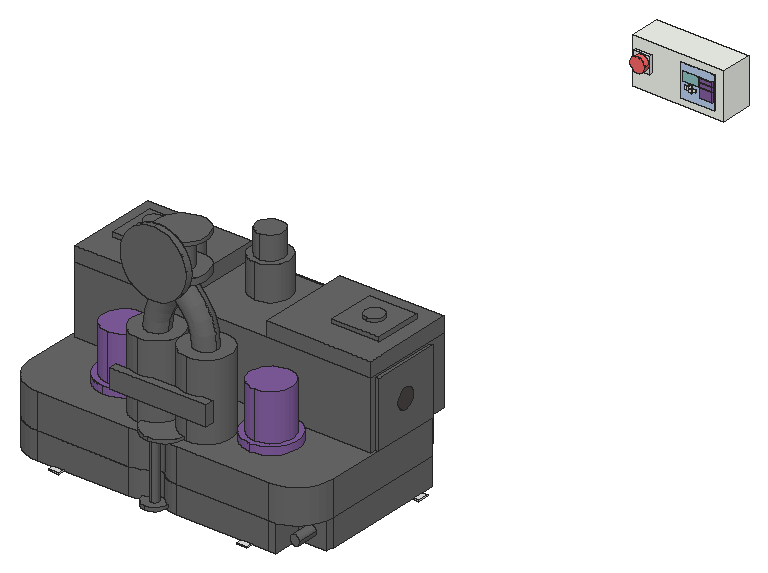
Revit family "11113", category Generic Models, Revit 2021
Family settings
  Can host rebar = No
  Round Connector Dimension = Use Diameter
  Part Type = Normal
  Work Plane-Based = No
  Always vertical = Yes
  Cut with Voids When Loaded = No
  Shared = Yes
  Room Calculation Point = No
Parameters (values of type "11113")
  SUPPLIER = "KESSEL"
  SA700ID49 = "Protection Class I"
  SA700ID48 = "no"
  SA700ID47 = "no"
  SA700ID46 = "yes"
  SA700ID37 = 16000 mm
  SA700ID34 = 47
  SA700ID33 = 3.2 W
  SA700ID32 = 200.52 kg
  SA700ID31 = 1
  SA700ID30 = 2
  SA700ID29 = "GLRD"
  SA700ID21 = 1600
  SA700ID10 = "yes"
  SA700ID08 = 400 V
  PROCUREWEBLINK = "https://p.caden.as/kessel/11113"
  PROCURELINK = "p.caden.as/kessel/11113"
  PROCUREDATALASTUPDATE = "2024-05-22T12:17:48.313061796+01:00"
  PREVIEW = "../../bilder/ksb_w_11113.png"
  PRC_SPECIFICATIONLINK = "https://ausschreiben.de/catalog/kessel/catalogItem/f660b859-4db9-403f-b500-aa956de100e0"
  NN = "Lifting station Aqualift F XL"
  NBSYN = "$SA810ID03."
  NB = "11113"
  Model = "11113"
  Manufacturer = "KESSEL"
  MIdent = "{$CADENAS_DATA/23d-libs/kessel/kessel_vdi_import/4/entwaesserung/hebeanlage20aqualift20f20xl.prj},201 {STYP=ASS},{VTYP=3D},{NB=11113},{LINA=11113},{NN=Lifting station Aqualift F XL},{DATE=21.11.2022 10:48:11},{GEOMDATE=21.11.2022 10:48:11},{VERSION=},{LINEID=460},{WBVAR=LODLEVEL},{WBNUMERIC=LODLEVEL}  {NB=11113},{LINA=11113},{KT=DUMMY},{PREVIEW=../../bilder/ksb_w_11113.png},{SA700ID04=Hebeanlage Aqualift F XL 300 l, Duo, SPF 3000-S1, Gussschieber},{SA810ID06=04026092057803},{SA700ID34=47.00},{SA010ID03=201805},{SA810ID03=11113},{SA810ID10=Aqualift F XL 3000W-S1 Duo 300L m.S.G.KESSEL Aqualift F XL Hebeanlage für fäkalienhaltiges und fäkalienfreies Abwasser. Zur Aufstellung in frostgeschützten Räumen.Duoanlage mit zwei Pumpen des Typs SPF 3000-S1 Sammelbehälter aus Polyethylen, mit verschraubter Reinigungsöffnung,Anschlussstutzen für Zulauf von oben DN100/150.Inklusive Tauchrohr zur pneumatischen Niveauerfassung,Entlüftungsanschluss DN 70 und Anschluss für eine Handmembranpumpe DN 32.Behälter inklusive Haltewinkel zur Auftriebssicherung.Behältervolumen 300 Liter, max. Nutzvolumen bei Zulauf von oben ca. 175 Liter.Zwei seitliche und drei rückseitige Anbohrflächen zur Montage weiterer Zuläufe bis DN 200 unter Verwendung von Durchgangsdichtungen.Inklusive KESSEL Schaltgerät Aqualift Comfort 400 V.Anwenderfreundliche Menüführung im mehrzeiligem Display. MitSelbstdiagnosesystem (SDS) und Erinnerungsfunktion für nächste Wartung.Anzeige der aktuellen Messwerte. Einfache Einstellung derfunktionsrelevanten Parameter, inklusive Betriebsstundenzähler und potentialfreiem Kontakt. Optionale Weiterleitung von Alarm- und Sammelstörmeldung über GSM Schnittstelle.Schaltgerät mit Volltextanzeige in sechs Sprachen.Abwasserpumpe(n) mit Freistromrad zur Förderung von fäkalienfreiem und fäkalienhaltigem Abwasser gemäß DIN EN 12050-1. Freier Kugeldurchgang mindestens 40 mm. Pumpe(n) überflutungssicher.Inklusive Rückflussverhinderer, mit Druckabgang aus Grauguss DN 80. nach DIN 2501. Inklusive einem Absperrschieber.Pumpe(n) Typ SPF 3000-S1Fördermenge: max. 47 m³/hFörderhöhe: max. 16 mNennleistung (P2): 2,7 KW je PumpeAufnahmeleistung (P1): 3,2 KW je PumpeBetriebsspannung: 400 V DSNennfrequenz: 50 HzNennstrom: 5,4 AAbsicherung: 3 x 16 A trägeSchutzart (Pumpe): IP68 3mWS/48hSchutzart (Schaltgerät): IP 65Bertiebsart: S1Kabellänge: 5 mAußenmaße Anlage mit 300 Liter Behälter (BxTxH): 1260 x 760 x 770 mmGewicht ca. 200,52 kg},{SA700ID37=16.00},{SA700ID33=3.20},{SA700ID08=400},{SA700ID30=2},{SA700ID32=200.52},{SA700ID49=Schutzklasse I},{SA700ID50=intern},{SA200ID03=6},{SA250ID03=vertikal},{SA260ID03=Trockenläuferpumpe},{SA350ID03=normalansaugend},{SA400ID03=E-Motor für Drehstrom},{SA460ID03=direkt},{SA500ID03=Kunststoff, Edelstahl},{SA700ID06=80},{SA700ID07=100},{SA700ID09=3/N/PE 400V},{SA700ID10=Ja},{SA700ID11=50},{SA700ID12=IP 68},{SA700ID13=F},{SA700ID15=40},{SA700ID21=1600.00},{SA700ID22=2.70},{SA700ID23=2890},{SA700ID24=2890},{SA700ID26=5.40},{SA700ID27=41.00},{SA700ID28=durchgehend},{SA700ID29=GLRD},{SA700ID31=1},{SA700ID46=ja},{SA700ID47=nein},{SA700ID48=nein},{SA110ID04=Hebeanlage Aqualift F XL},{SA300ID03=einstufig},{SA700ID44=10.00},{SA700ID45=10.00},{SA010ID04=KESSEL AG},{LODLEVEL=200},{LINK=https://www.kessel.de/info?han=11113},{SA970ID01=970},{SA970ID02=7186},{SA970ID03=11113},{SA970ID04=11002617},{SA970ID05=QUAD},{SA970ID06=-655.51},{SA970ID07=-650},{SA970ID08=0},{SA970ID09=1},{SA970ID10=0},{SA970ID11=0},{SA970ID12=0},{SA970ID13=1},{SA970ID14=0},{SA970ID15=1311.02},{SA970ID16=800},{SA970ID17=1037.75},{LODLEVEL_=200,'Low'},{LODLEVEL_DEU=200,'Low'},{LINK_=https://www.kessel.de/info?han=11113},{LINK_DEU=https://www.kessel.de/info?han=11113},{LODLEVEL_3DB=11113_200},{DNIN1=100},{DNIN2=70},{DNIN4=10},{DNIN5=10},{DNIN6=50},{DNIN7=50},{DNIN8=50},{DNIN9=50},{DNOUT1=32},{DNOUT2=100},{DNOUT3=70},{ISD1=96},{ISD2=10},{ISDOUT1=40},{ISDOUT2=60},{ISDOUT3=65},{SA010ID01=010},{SA010ID02=4},{SA010ID06=www.kessel.de},{SA010ID07=www.kessel.de},{SA010ID12=20180713},{SA010ID13=DEU},{SA010ID14=DE},{SA100ID01=100},{SA100ID02=4},{SA100ID04=Entwässerung},{SA110ID01=110},{SA110ID02=6},{SA200ID01=200},{SA200ID02=6},{SA250ID01=250},{SA250ID02=2},{SA260ID01=260},{SA260ID02=2},{SA300ID01=300},{SA300ID02=1},{SA350ID01=350},{SA350ID02=1},{SA400ID01=400},{SA400ID02=2},{SA460ID01=460},{SA460ID02=1},{SA500ID01=500},{SA500ID02=1},{SA700ID01=700},{SA700ID02=79},{SA700ID10_=1},{SA700ID16=0},{SA700ID25=0},{SA700ID46_=1},{SA700ID47_=0},{SA700ID48_=0},{SA700ID49_=1},{SA700ID50_=2},{SA800ID01=800},{SA800ID02=43},{SA810ID01=810},{SA810ID02=79},{SA810ID04=11113},{SA810ID07=79},{SA810ID09=1},{SA810ID14=PCE},{SA810ID15=1},{SA810ID16=NMP},{SA960ID03=79},{SA960ID04=3L},{SA960ID08=https://www.kessel.de/info?han=11113},{SA010ID08=4026092000007},{SA100ID05=Hebeanlage},{SA110ID06=Hebeanlage}"
  LINK = "https://www.kessel.de/info?han=11113"
  LINA = "11113"
  Default Elevation = 0 mm
  CREATOR = "CADENAS GmbH"
  CATALOG = "KESSEL"
  BOMINFO = "LINA"
  ARTICLENO = "NB"
  4.810.00.9 Order quantity (multiplicator) = "1"
  4.810.00.7 Media- connection number = "79"
  4.810.00.6 GTIN number = "04026092057803"
  4.810.00.4 DATANORM number = "11113"
  4.810.00.3 Producer order number = "11113"
  4.710.03.7 Mass (net) = 200.52 kg
  4.710.03.6 Height = 1042 mm
  4.710.03.5 Width = 889 mm
  4.710.03.4 Length = 1260 mm
  4.710.03.3 Type of dimensions = "2"
  4.710.02.8 Area of application of wastewater pump = "1"
  4.710.02.6 Duty type = "S1"
  4.710.02.5 Cutting device = "0"
  4.710.02.4 Attached pump control = "1"
  4.710.02.3 Free passage = 40 mm
  4.710.01.6 Option to connect to building automation = "40"
  4.710.01.5 Load regulation = "0"
  4.710.01.4 Designation of closed-loop control = "175"
  4.710.01.3 Identifier for closed-loop control = "300"
  4.700.00.9 Voltage = 0
  4.700.00.8 Nominal connection size on suction side = "100"
  4.700.00.7 Nominal connection size on pressure side = "100"
  4.700.00.6 Type of connection = "80"
  4.700.00.4 Product indentification = "Hebeanlage Aqualift F XL 300 l, Duo, SPF 3000-S1, Gussschieber"
  4.700.00.28 Motor pump shaft = "durchgehend"
  4.700.00.27 Starting current = 41
  4.700.00.26 Maximum power consumption per pump / drive = 5.4
  4.700.00.25 Minimum speed at internal speed adjustment = 0
  4.700.00.24 Nominal speed / maximum speed n = 48.1667
  4.700.00.23 Nominal speed of motor = 48.1667
  4.700.00.22 Maximum shaft output (P2) per pump/drive = 2.7 W
  4.700.00.16 Maximum temperature of pumped medium = 0 °C
  4.700.00.15 Increased safety class = "40 °C"
  4.700.00.13 Type of protection = "F"
  4.700.00.12 Frequency = 0
  4.700.00.11 Stern-/Dreieck-Anlaufschaltung bei Dreiphasenanschluss oder Drehstrom = "50 Hz"
  4.700.00.10 Phase = "1"
  4.500.00.3 Variant / Variant type / Accessories-name = "Kunststoff, Edelstahl"
  4.460.00.3 Variant / Variant type / Accessories-name = "direkt"
  4.400.00.3 Variant / Variant type / Accessories-name = "E-Motor für Drehstrom"
  4.350.00.3 Variant / Variant type / Accessories-name = "normalansaugend"
  4.300.00.3 Variant / Variant type / Accessories-name = "einstufig"
  4.260.00.3 Variant / Variant type / Accessories-name = "Trockenläuferpumpe"
  4.250.00.3 Variant / Variant type / Accessories-name = "vertikal"
  4.200.00.3 Variant / Variant type / Accessories-name = "6"
  4.110.00.6 Product classification = "Hebeanlage"
  4.110.00.4 Product indentification = "Hebeanlage Aqualift F XL"
  4.100.00.5 Main groups of wares = "Hebeanlage"
  4.100.00.4 Product indentification = "Entwässerung"
  4.010.00.8 Producer ID number = "4026092000007"
  4.010.00.7 Comment = "www.kessel.de"
  4.010.00.6 Web address of the manufacturer = "www.kessel.de"
  4.010.00.4 Manufacturer name = "KESSEL AG"
  4.010.00.3 Date of issuance (month) of guideline = "201805"
  4.010.00.2 Sheet number of the guideline = "4"
  4.010.00.14 Kennungen der Projektländer, für die die Datei gültig ist = "DE"
  4.010.00.13 Sprache der Datei = "DEU"
  4.010.00.12 Stand des Herstellerkatalogs = "20180713"
Reference planes
  plane 1 "Center (Front/Back)": y = 0
  plane 2: z = 0
  plane 3 "Center (Left/Right)": x = 0
Dimensions and locks
  aligned and locked: level to plane 2
Nested families
  nested 1: "11113_content" at (0, 0, 0), type "11113_Content"
  nested 2: "11113_part1_X0Y0" at (1000, 1000, 1200), type "11113_PART1_X0Y0"
  nested 3: "11113_part2_X0Y0" at (0, 0, 0), type "11113_PART2_X0Y0"
Connectors
  electrical at (861, 933, 1201.5)
    settings: on nested 2, index 1, voltage 0 V, apparent load 0 VA, apparent load phase1 0 VA, apparent load phase2 0 VA, apparent load phase3 0 VA, power factor 1, load classification "Other", number of poles 1, system type 31, power factor state 1, is connector primary yes, connector utility no, sub classification motor no, connector description ""
  piping at (0, 0, 771), diameter 100
    settings: on nested 3, index 2, connector inside diameter 609.6 mm, connector length 0 mm, flow factor 0, pipe flow 0.0 L/s, pressure drop 0.0 Pa, fitting loss kfactor 0, connector angle 0.00°, fixture units 0, engagement length 0 mm, angle of deflection 0.00°, flow configuration 0, flow direction 1, fitting loss method 2, system type 8, joint type 0, gender type 0, connector reference index -1, connector utility 0, adjustable connector no, is connector primary yes, connector description ""
  piping at (631, -85, 392), diameter 70
    settings: on nested 3, index 3, connector inside diameter 609.6 mm, connector length 0 mm, flow factor 0, pipe flow 0.0 L/s, pressure drop 0.0 Pa, fitting loss kfactor 0, connector angle 0.00°, fixture units 0, engagement length 0 mm, angle of deflection 0.00°, flow configuration 0, flow direction 0, fitting loss method 2, system type 8, joint type 0, gender type 0, connector reference index -1, connector utility 0, adjustable connector no, is connector primary no, connector description ""
  piping at (358.7, 150.5, 392), diameter 70
    settings: on nested 3, index 4, connector inside diameter 609.6 mm, connector length 0 mm, flow factor 0, pipe flow 0.0 L/s, pressure drop 0.0 Pa, fitting loss kfactor 0, connector angle 0.00°, fixture units 0, engagement length 0 mm, angle of deflection 0.00°, flow configuration 0, flow direction 0, fitting loss method 2, system type 8, joint type 0, gender type 0, connector reference index -1, connector utility 0, adjustable connector no, is connector primary no, connector description ""
  piping at (0, 150.5, 392), diameter 70
    settings: on nested 3, index 5, connector inside diameter 609.6 mm, connector length 0 mm, flow factor 0, pipe flow 0.0 L/s, pressure drop 0.0 Pa, fitting loss kfactor 0, connector angle 0.00°, fixture units 0, engagement length 0 mm, angle of deflection 0.00°, flow configuration 0, flow direction 0, fitting loss method 2, system type 8, joint type 0, gender type 0, connector reference index -1, connector utility 0, adjustable connector no, is connector primary no, connector description ""
  piping at (-357.7, 150.5, 392), diameter 70
    settings: on nested 3, index 6, connector inside diameter 609.6 mm, connector length 0 mm, flow factor 0, pipe flow 0.0 L/s, pressure drop 0.0 Pa, fitting loss kfactor 0, connector angle 0.00°, fixture units 0, engagement length 0 mm, angle of deflection 0.00°, flow configuration 0, flow direction 0, fitting loss method 2, system type 8, joint type 0, gender type 0, connector reference index -1, connector utility 0, adjustable connector no, is connector primary no, connector description ""
  piping at (-630, -85, 392), diameter 70
    settings: on nested 3, index 7, connector inside diameter 609.6 mm, connector length 0 mm, flow factor 0, pipe flow 0.0 L/s, pressure drop 0.0 Pa, fitting loss kfactor 0, connector angle 0.00°, fixture units 0, engagement length 0 mm, angle of deflection 0.00°, flow configuration 0, flow direction 0, fitting loss method 2, system type 8, joint type 0, gender type 0, connector reference index -1, connector utility 0, adjustable connector no, is connector primary no, connector description ""
  piping at (0, -460, 970), diameter 100
    settings: on nested 3, index 8, connector inside diameter 609.6 mm, connector length 0 mm, flow factor 0, pipe flow 0.0 L/s, pressure drop 0.0 Pa, fitting loss kfactor 0, connector angle 0.00°, fixture units 0, engagement length 0 mm, angle of deflection 0.00°, flow configuration 0, flow direction 2, fitting loss method 2, system type 7, joint type 0, gender type 0, connector reference index -1, connector utility 0, adjustable connector no, is connector primary no, connector description ""
  piping at (-269.5, -60, 681), diameter 70
    settings: on nested 3, index 9, connector inside diameter 609.6 mm, connector length 0 mm, flow factor 0, pipe flow 0.0 L/s, pressure drop 0.0 Pa, fitting loss kfactor 0, connector angle 0.00°, fixture units 0, engagement length 0 mm, angle of deflection 0.00°, flow configuration 0, flow direction 2, fitting loss method 2, system type 7, joint type 0, gender type 0, connector reference index -1, connector utility 0, adjustable connector no, is connector primary no, connector description ""
  piping at (565, -575.5, 56), diameter 32
    settings: on nested 3, index 10, connector inside diameter 609.6 mm, connector length 0 mm, flow factor 0, pipe flow 0.0 L/s, pressure drop 0.0 Pa, fitting loss kfactor 0, connector angle 0.00°, fixture units 0, engagement length 0 mm, angle of deflection 0.00°, flow configuration 0, flow direction 2, fitting loss method 2, system type 7, joint type 0, gender type 0, connector reference index -1, connector utility 0, adjustable connector no, is connector primary no, connector description ""
  electrical at (305.4, -376.25, 477)
    settings: on nested 3, index 11, voltage 0 V, apparent load 0 VA, apparent load phase1 0 VA, apparent load phase2 0 VA, apparent load phase3 0 VA, power factor 1, load classification "Other", number of poles 1, system type 31, power factor state 1, is connector primary no, connector utility no, sub classification motor no, connector description ""
  electrical at (-305.4, -376.25, 477)
    settings: on nested 3, index 12, voltage 0 V, apparent load 0 VA, apparent load phase1 0 VA, apparent load phase2 0 VA, apparent load phase3 0 VA, power factor 1, load classification "Other", number of poles 1, system type 31, power factor state 1, is connector primary no, connector utility no, sub classification motor no, connector description ""
  electrical at (-457, -29.5, 650)
    settings: on nested 3, index 13, voltage 0 V, apparent load 0 VA, apparent load phase1 0 VA, apparent load phase2 0 VA, apparent load phase3 0 VA, power factor 1, load classification "Other", number of poles 1, system type 31, power factor state 1, is connector primary no, connector utility no, sub classification motor no, connector description ""
Definition of nested family "11113_part1_X0Y0"
  Parameters (values of type "11113_PART1_X0Y0")
    SUPPLIER = "KESSEL"
    SA700ID49 = "Protection Class I"
    SA700ID48 = "no"
    SA700ID47 = "no"
    SA700ID46 = "yes"
    SA700ID37 = 16000 mm
    SA700ID34 = 47
    SA700ID33 = 3.2 W
    SA700ID32 = 200.52 kg
    SA700ID31 = 1
    SA700ID30 = 2
    SA700ID29 = "GLRD"
    SA700ID21 = 1600
    SA700ID10 = "yes"
    SA700ID08 = 400 V
    PREVIEW = "../../bilder/ksb_w_11113.png"
    NBSYN = "$SA810ID03._PART1"
    NB = "11113_PART1"
    Model = "11113_PART1"
    Manufacturer = "KESSEL"
    MIdent = "{$CADENAS_DATA/23d-libs/kessel/kessel_vdi_import/4/entwaesserung/hebeanlage20aqualift20f20xl.prj},221 {VTYP=3D},{NB=11113_PART1},{LINA=11113_PART1},{NN=Lifting station Aqualift F XL_PART1},{NOPRJ=TRUE},{DATE=21.11.2022 10:48:11},{GEOMDATE=21.11.2022 10:48:11},{VERSION=},{LINEID=460},{WBVAR=LODLEVEL},{WBNUMERIC=LODLEVEL}  {NB=11113_PART1},{LINA=11113_PART1},{KT=DUMMY},{PREVIEW=../../bilder/ksb_w_11113.png},{SA700ID04=Hebeanlage Aqualift F XL 300 l, Duo, SPF 3000-S1, Gussschieber},{SA810ID06=04026092057803},{SA700ID34=47.00},{SA010ID03=201805},{SA810ID03=11113},{SA810ID10=Aqualift F XL 3000W-S1 Duo 300L m.S.G.KESSEL Aqualift F XL Hebeanlage für fäkalienhaltiges und fäkalienfreies Abwasser. Zur Aufstellung in frostgeschützten Räumen.Duoanlage mit zwei Pumpen des Typs SPF 3000-S1 Sammelbehälter aus Polyethylen, mit verschraubter Reinigungsöffnung,Anschlussstutzen für Zulauf von oben DN100/150.Inklusive Tauchrohr zur pneumatischen Niveauerfassung,Entlüftungsanschluss DN 70 und Anschluss für eine Handmembranpumpe DN 32.Behälter inklusive Haltewinkel zur Auftriebssicherung.Behältervolumen 300 Liter, max. Nutzvolumen bei Zulauf von oben ca. 175 Liter.Zwei seitliche und drei rückseitige Anbohrflächen zur Montage weiterer Zuläufe bis DN 200 unter Verwendung von Durchgangsdichtungen.Inklusive KESSEL Schaltgerät Aqualift Comfort 400 V.Anwenderfreundliche Menüführung im mehrzeiligem Display. MitSelbstdiagnosesystem (SDS) und Erinnerungsfunktion für nächste Wartung.Anzeige der aktuellen Messwerte. Einfache Einstellung derfunktionsrelevanten Parameter, inklusive Betriebsstundenzähler und potentialfreiem Kontakt. Optionale Weiterleitung von Alarm- und Sammelstörmeldung über GSM Schnittstelle.Schaltgerät mit Volltextanzeige in sechs Sprachen.Abwasserpumpe(n) mit Freistromrad zur Förderung von fäkalienfreiem und fäkalienhaltigem Abwasser gemäß DIN EN 12050-1. Freier Kugeldurchgang mindestens 40 mm. Pumpe(n) überflutungssicher.Inklusive Rückflussverhinderer, mit Druckabgang aus Grauguss DN 80. nach DIN 2501. Inklusive einem Absperrschieber.Pumpe(n) Typ SPF 3000-S1Fördermenge: max. 47 m³/hFörderhöhe: max. 16 mNennleistung (P2): 2,7 KW je PumpeAufnahmeleistung (P1): 3,2 KW je PumpeBetriebsspannung: 400 V DSNennfrequenz: 50 HzNennstrom: 5,4 AAbsicherung: 3 x 16 A trägeSchutzart (Pumpe): IP68 3mWS/48hSchutzart (Schaltgerät): IP 65Bertiebsart: S1Kabellänge: 5 mAußenmaße Anlage mit 300 Liter Behälter (BxTxH): 1260 x 760 x 770 mmGewicht ca. 200,52 kg},{SA700ID37=16.00},{SA700ID33=3.20},{SA700ID08=400},{SA700ID30=2},{SA700ID32=200.52},{SA700ID49=Schutzklasse I},{SA700ID50=intern},{SA200ID03=6},{SA250ID03=vertikal},{SA260ID03=Trockenläuferpumpe},{SA350ID03=normalansaugend},{SA400ID03=E-Motor für Drehstrom},{SA460ID03=direkt},{SA500ID03=Kunststoff, Edelstahl},{SA700ID06=80},{SA700ID07=100},{SA700ID09=3/N/PE 400V},{SA700ID10=Ja},{SA700ID11=50},{SA700ID12=IP 68},{SA700ID13=F},{SA700ID15=40},{SA700ID21=1600.00},{SA700ID22=2.70},{SA700ID23=2890},{SA700ID24=2890},{SA700ID26=5.40},{SA700ID27=41.00},{SA700ID28=durchgehend},{SA700ID29=GLRD},{SA700ID31=1},{SA700ID46=ja},{SA700ID47=nein},{SA700ID48=nein},{SA110ID04=Hebeanlage Aqualift F XL},{SA300ID03=einstufig},{SA700ID44=10.00},{SA700ID45=10.00},{SA010ID04=KESSEL AG},{LODLEVEL=200},{LINK=https://www.kessel.de/info?han=11113},{SA970ID01=970},{SA970ID02=7186},{SA970ID03=11113},{SA970ID04=11002617},{SA970ID05=QUAD},{SA970ID06=-655.51},{SA970ID07=-650},{SA970ID08=0},{SA970ID09=1},{SA970ID10=0},{SA970ID11=0},{SA970ID12=0},{SA970ID13=1},{SA970ID14=0},{SA970ID15=1311.02},{SA970ID16=800},{SA970ID17=1037.75},{LODLEVEL_=200,'Low'},{LODLEVEL_DEU=200,'Low'},{LINK_=https://www.kessel.de/info?han=11113},{LINK_DEU=https://www.kessel.de/info?han=11113},{LODLEVEL_3DB=11113_200},{DNIN1=100},{DNIN2=70},{DNIN4=10},{DNIN5=10},{DNIN6=50},{DNIN7=50},{DNIN8=50},{DNIN9=50},{DNOUT1=32},{DNOUT2=100},{DNOUT3=70},{ISD1=96},{ISD2=10},{ISDOUT1=40},{ISDOUT2=60},{ISDOUT3=65},{SA010ID01=010},{SA010ID02=4},{SA010ID06=www.kessel.de},{SA010ID07=www.kessel.de},{SA010ID12=20180713},{SA010ID13=DEU},{SA010ID14=DE},{SA100ID01=100},{SA100ID02=4},{SA100ID04=Entwässerung},{SA110ID01=110},{SA110ID02=6},{SA200ID01=200},{SA200ID02=6},{SA250ID01=250},{SA250ID02=2},{SA260ID01=260},{SA260ID02=2},{SA300ID01=300},{SA300ID02=1},{SA350ID01=350},{SA350ID02=1},{SA400ID01=400},{SA400ID02=2},{SA460ID01=460},{SA460ID02=1},{SA500ID01=500},{SA500ID02=1},{SA700ID01=700},{SA700ID02=79},{SA700ID10_=1},{SA700ID16=0},{SA700ID25=0},{SA700ID46_=1},{SA700ID47_=0},{SA700ID48_=0},{SA700ID49_=1},{SA700ID50_=2},{SA800ID01=800},{SA800ID02=43},{SA810ID01=810},{SA810ID02=79},{SA810ID04=11113},{SA810ID07=79},{SA810ID09=1},{SA810ID14=PCE},{SA810ID15=1},{SA810ID16=NMP},{SA960ID03=79},{SA960ID04=3L},{SA960ID08=https://www.kessel.de/info?han=11113},{SA010ID08=4026092000007},{SA100ID05=Hebeanlage},{SA110ID06=Hebeanlage}"
    LINK = "https://www.kessel.de/info?han=11113"
    LINA = "11113_PART1"
    Default Elevation = 1219.2 mm
    CREATOR = "CADENAS GmbH"
    CATALOG = "KESSEL"
    BOMINFO = "LINA"
    ARTICLENO = "NB"
    4.810.00.9 Order quantity (multiplicator) = "1"
    4.810.00.7 Media- connection number = "79"
    4.810.00.6 GTIN number = "04026092057803"
    4.810.00.4 DATANORM number = "11113"
    4.810.00.3 Producer order number = "11113"
    4.710.03.7 Mass (net) = 200.52 kg
    4.710.03.6 Height = 1042 mm
    4.710.03.5 Width = 889 mm
    4.710.03.4 Length = 1260 mm
    4.710.03.3 Type of dimensions = "2"
    4.710.02.8 Area of application of wastewater pump = "1"
    4.710.02.6 Duty type = "S1"
    4.710.02.5 Cutting device = "0"
    4.710.02.4 Attached pump control = "1"
    4.710.02.3 Free passage = 40 mm
    4.710.01.6 Option to connect to building automation = "40"
    4.710.01.5 Load regulation = "0"
    4.710.01.4 Designation of closed-loop control = "175"
    4.710.01.3 Identifier for closed-loop control = "300"
    4.700.00.9 Voltage = 0
    4.700.00.8 Nominal connection size on suction side = "100"
    4.700.00.7 Nominal connection size on pressure side = "100"
    4.700.00.6 Type of connection = "80"
    4.700.00.4 Product indentification = "Hebeanlage Aqualift F XL 300 l, Duo, SPF 3000-S1, Gussschieber"
    4.700.00.28 Motor pump shaft = "durchgehend"
    4.700.00.27 Starting current = 41
    4.700.00.26 Maximum power consumption per pump / drive = 5.4
    4.700.00.25 Minimum speed at internal speed adjustment = 0
    4.700.00.24 Nominal speed / maximum speed n = 48.1667
    4.700.00.23 Nominal speed of motor = 48.1667
    4.700.00.22 Maximum shaft output (P2) per pump/drive = 2.7 W
    4.700.00.16 Maximum temperature of pumped medium = 0 °C
    4.700.00.15 Increased safety class = "40 °C"
    4.700.00.13 Type of protection = "F"
    4.700.00.12 Frequency = 0
    4.700.00.11 Stern-/Dreieck-Anlaufschaltung bei Dreiphasenanschluss oder Drehstrom = "50 Hz"
    4.700.00.10 Phase = "1"
    4.500.00.3 Variant / Variant type / Accessories-name = "Kunststoff, Edelstahl"
    4.460.00.3 Variant / Variant type / Accessories-name = "direkt"
    4.400.00.3 Variant / Variant type / Accessories-name = "E-Motor für Drehstrom"
    4.350.00.3 Variant / Variant type / Accessories-name = "normalansaugend"
    4.300.00.3 Variant / Variant type / Accessories-name = "einstufig"
    4.260.00.3 Variant / Variant type / Accessories-name = "Trockenläuferpumpe"
    4.250.00.3 Variant / Variant type / Accessories-name = "vertikal"
    4.200.00.3 Variant / Variant type / Accessories-name = "6"
    4.110.00.6 Product classification = "Hebeanlage"
    4.110.00.4 Product indentification = "Hebeanlage Aqualift F XL"
    4.100.00.5 Main groups of wares = "Hebeanlage"
    4.100.00.4 Product indentification = "Entwässerung"
    4.010.00.8 Producer ID number = "4026092000007"
    4.010.00.7 Comment = "www.kessel.de"
    4.010.00.6 Web address of the manufacturer = "www.kessel.de"
    4.010.00.4 Manufacturer name = "KESSEL AG"
    4.010.00.3 Date of issuance (month) of guideline = "201805"
    4.010.00.2 Sheet number of the guideline = "4"
    4.010.00.14 Kennungen der Projektländer, für die die Datei gültig ist = "DE"
    4.010.00.13 Sprache der Datei = "DEU"
    4.010.00.12 Stand des Herstellerkatalogs = "20180713"
  Reference planes
    plane 1 "Center (Front/Back)": y = 0
    plane 2: z = 0
    plane 3 "Center (Left/Right)": x = 0
  Dimensions and locks
    aligned and locked: level to plane 2
  Nested families
    nested 1: "11113_part1_content" at (0, 0, 0), type "11113_PART1_Content"
  Definition of nested family "11113_part1_content"
    Parameters (values of type "11113_PART1_Content")
      SUPPLIER = "KESSEL"
      SA700ID49 = "Protection Class I"
      SA700ID48 = "no"
      SA700ID47 = "no"
      SA700ID46 = "yes"
      SA700ID37 = 16000 mm
      SA700ID34 = 47
      SA700ID33 = 3.2 W
      SA700ID32 = 200.52 kg
      SA700ID31 = 1
      SA700ID30 = 2
      SA700ID29 = "GLRD"
      SA700ID21 = 1600
      SA700ID10 = "yes"
      SA700ID08 = 400 V
      PREVIEW = "../../bilder/ksb_w_11113.png"
      NBSYN = "$SA810ID03._PART1"
      NB = "11113_PART1"
      Model = "11113_PART1"
      Manufacturer = "KESSEL"
      LINK = "https://www.kessel.de/info?han=11113"
      LINA = "11113_PART1"
      Default Elevation = 1219.2 mm
      CREATOR = "CADENAS GmbH"
      CATALOG = "KESSEL"
      BOMINFO = "LINA"
      ARTICLENO = "NB"
      4.810.00.9 Order quantity (multiplicator) = "1"
      4.810.00.7 Media- connection number = "79"
      4.810.00.6 GTIN number = "04026092057803"
      4.810.00.4 DATANORM number = "11113"
      4.810.00.3 Producer order number = "11113"
      4.710.03.7 Mass (net) = 200.52 kg
      4.710.03.6 Height = 1042 mm
      4.710.03.5 Width = 889 mm
      4.710.03.4 Length = 1260 mm
      4.710.03.3 Type of dimensions = "2"
      4.710.02.8 Area of application of wastewater pump = "1"
      4.710.02.6 Duty type = "S1"
      4.710.02.5 Cutting device = "0"
      4.710.02.4 Attached pump control = "1"
      4.710.02.3 Free passage = 40 mm
      4.710.01.6 Option to connect to building automation = "40"
      4.710.01.5 Load regulation = "0"
      4.710.01.4 Designation of closed-loop control = "175"
      4.710.01.3 Identifier for closed-loop control = "300"
      4.700.00.9 Voltage = 0
      4.700.00.8 Nominal connection size on suction side = "100"
      4.700.00.7 Nominal connection size on pressure side = "100"
      4.700.00.6 Type of connection = "80"
      4.700.00.4 Product indentification = "Hebeanlage Aqualift F XL 300 l, Duo, SPF 3000-S1, Gussschieber"
      4.700.00.28 Motor pump shaft = "durchgehend"
      4.700.00.27 Starting current = 41
      4.700.00.26 Maximum power consumption per pump / drive = 5.4
      4.700.00.25 Minimum speed at internal speed adjustment = 0
      4.700.00.24 Nominal speed / maximum speed n = 48.1667
      4.700.00.23 Nominal speed of motor = 48.1667
      4.700.00.22 Maximum shaft output (P2) per pump/drive = 2.7 W
      4.700.00.16 Maximum temperature of pumped medium = 0 °C
      4.700.00.15 Increased safety class = "40 °C"
      4.700.00.13 Type of protection = "F"
      4.700.00.12 Frequency = 0
      4.700.00.11 Stern-/Dreieck-Anlaufschaltung bei Dreiphasenanschluss oder Drehstrom = "50 Hz"
      4.700.00.10 Phase = "1"
      4.500.00.3 Variant / Variant type / Accessories-name = "Kunststoff, Edelstahl"
      4.460.00.3 Variant / Variant type / Accessories-name = "direkt"
      4.400.00.3 Variant / Variant type / Accessories-name = "E-Motor für Drehstrom"
      4.350.00.3 Variant / Variant type / Accessories-name = "normalansaugend"
      4.300.00.3 Variant / Variant type / Accessories-name = "einstufig"
      4.260.00.3 Variant / Variant type / Accessories-name = "Trockenläuferpumpe"
      4.250.00.3 Variant / Variant type / Accessories-name = "vertikal"
      4.200.00.3 Variant / Variant type / Accessories-name = "6"
      4.110.00.6 Product classification = "Hebeanlage"
      4.110.00.4 Product indentification = "Hebeanlage Aqualift F XL"
      4.100.00.5 Main groups of wares = "Hebeanlage"
      4.100.00.4 Product indentification = "Entwässerung"
      4.010.00.8 Producer ID number = "4026092000007"
      4.010.00.7 Comment = "www.kessel.de"
      4.010.00.6 Web address of the manufacturer = "www.kessel.de"
      4.010.00.4 Manufacturer name = "KESSEL AG"
      4.010.00.3 Date of issuance (month) of guideline = "201805"
      4.010.00.2 Sheet number of the guideline = "4"
      4.010.00.14 Kennungen der Projektländer, für die die Datei gültig ist = "DE"
      4.010.00.13 Sprache der Datei = "DEU"
      4.010.00.12 Stand des Herstellerkatalogs = "20180713"
    Reference planes
      plane 1 "Center (Front/Back)": y = 0
      plane 2: z = 0
      plane 3 "Center (Left/Right)": x = 0
    Forms (mm)
      Extrusion 1, solid, detail levels medium+fine
        sketch origin (189.25, -1.75, 0.2) x (0, -1, 0) y (0, 0, 1)
          loop
            line (0, 187.8) -> (0, 0) -> (127.75, 0) -> (127.75, 187.8) -> (0, 187.8)
        from 0 to 378.5
      Extrusion 2, solid, detail levels medium+fine
        sketch origin (-4, -67, 0) x (0, 1, 0) y (-1, 0, 0)
          loop
            circle (0, 0) r 12.5
        from 0 to 1.5
      Extrusion 3, solid, detail levels medium+fine
        sketch origin (150.8, -129.5, 26.5) x (0, -1, 0) y (0, 0, 1)
          loop
            line (-1.2, 134.8) -> (-1.2, 0) -> (0.25, 0) -> (0.25, 134.8) -> (-1.2, 134.8)
        from 0 to 139.9
      Extrusion 4, solid, detail levels medium+fine
        sketch origin (72.55, -129.75, 66) x (0, -1, 0) y (0, 0, 1)
          loop
            line (-1, 12) -> (-1, 0) -> (0.5, 0) -> (0.5, 12) -> (-1, 12)
        from 0 to 12
      Extrusion 5, solid, detail levels medium+fine
        sketch origin (84.45, -129.75, 93.4) x (0, -1, 0) y (0, 0, 1)
          loop
            line (-1, 37) -> (-1, 0) -> (0.5, 0) -> (0.5, 37) -> (-1, 37)
        from 0 to 66
      Extrusion 6, solid, detail levels medium+fine
        sketch origin (55.3, -129.75, 74) x (0, -1, 0) y (0, 0, 1)
          loop
            line (-1, 12) -> (-1, 0) -> (0.5, 0) -> (0.5, 12) -> (-1, 12)
        from 0 to 12
      Extrusion 7, solid, detail levels medium+fine
        sketch origin (143.3, -129.75, 94.4) x (0, -1, 0) y (0, 0, 1)
          loop
            line (0, 16) -> (0, 0) -> (1.75, 0) -> (1.75, 16) -> (0, 16)
        from 0 to 51
      Extrusion 8, solid, detail levels medium+fine
        sketch origin (143.3, -129.75, 54.4) x (0, -1, 0) y (0, 0, 1)
          loop
            line (0, 36) -> (0, 0) -> (1.75, 0) -> (1.75, 36) -> (0, 36)
        from 0 to 51
      Extrusion 9, solid, detail levels medium+fine
        sketch origin (55.3, -129.75, 57.5) x (0, -1, 0) y (0, 0, 1)
          loop
            line (-1, 12) -> (-1, 0) -> (0.5, 0) -> (0.5, 12) -> (-1, 12)
        from 0 to 12
      Extrusion 10, solid, detail levels medium+fine
        sketch origin (143.3, -129.75, 114.4) x (0, -1, 0) y (0, 0, 1)
          loop
            line (0, 16) -> (0, 0) -> (1.75, 0) -> (1.75, 16) -> (0, 16)
        from 0 to 51
      Extrusion 11, solid, detail levels medium+fine
        sketch origin (38.05, -129.75, 66) x (0, -1, 0) y (0, 0, 1)
          loop
            line (-1, 12) -> (-1, 0) -> (0.5, 0) -> (0.5, 12) -> (-1, 12)
        from 0 to 12
      Extrusion 12, solid, detail levels medium+fine
        sketch origin (47, -72, 0) x (0, 1, 0) y (-1, 0, 0)
          loop
            circle (0, 0) r 8
        from 0 to 1.5
      Extrusion 13, solid, detail levels medium+fine
        sketch origin (47, -42, 0) x (0, 1, 0) y (-1, 0, 0)
          loop
            circle (0, 0) r 5.25
        from 0 to 1.5
      Extrusion 14, solid, detail levels medium+fine
        sketch origin (77, -72, 0) x (0, 1, 0) y (-1, 0, 0)
          loop
            circle (0, 0) r 8
        from 0 to 1.5
      Extrusion 15, solid, detail levels medium+fine
        sketch origin (-94, -67, 0) x (0, 1, 0) y (-1, 0, 0)
          loop
            circle (0, 0) r 12.5
        from 0 to 1.5
      Extrusion 16, solid, detail levels medium+fine
        sketch origin (92, -42, 0) x (0, 1, 0) y (-1, 0, 0)
          loop
            circle (0, 0) r 8
        from 0 to 1.5
      Extrusion 17, solid, detail levels medium+fine
        sketch origin (107, -72, 0) x (0, 1, 0) y (-1, 0, 0)
          loop
            circle (0, 0) r 8
        from 0 to 1.5
      Extrusion 18, solid, detail levels medium+fine
        sketch origin (122, -42, 0) x (0, 1, 0) y (-1, 0, 0)
          loop
            circle (0, 0) r 8
        from 0 to 1.5
      Extrusion 19, solid, detail levels medium+fine
        sketch origin (-107.7, -129.5, 76.9) x (0, -1, 0) y (0, 0, 1)
          loop
            line (0, 67) -> (0, 0) -> (14, 0) -> (14, 67) -> (0, 67)
        from 0 to 67
      Extrusion 20, solid, detail levels medium+fine
        sketch origin (-141.2, -143.5, 110.4) x (1, 0, 0) y (0, 0, 1)
          loop
            circle (0, 0) r 30
        from 0 to 22
      Extrusion 21, solid, detail levels medium+fine
        sketch origin (127, -15, 0) x (0, 1, 0) y (-1, 0, 0)
          loop
            circle (0, 0) r 6
        from 0 to 1.5
      Extrusion 22, solid, detail levels medium+fine
        sketch origin (137, -72, 0) x (0, 1, 0) y (-1, 0, 0)
          loop
            circle (0, 0) r 8
        from 0 to 1.5
      Extrusion 23, solid, detail levels medium+fine
        sketch origin (-139, -67, 0) x (0, 1, 0) y (-1, 0, 0)
          loop
            circle (0, 0) r 12.5
        from 0 to 1.5
      Extrusion 24, solid, detail levels medium+fine
        sketch origin (152, -42, 0) x (0, 1, 0) y (-1, 0, 0)
          loop
            circle (0, 0) r 8
        from 0 to 1.5
      Extrusion 25, solid, detail levels coarse
        sketch origin (0, -83.625, 0) x (1, 0, 0) y (0, 1, 0)
          loop
            line (-189.25, -81.875) -> (189.25, -81.875) -> (189.25, 81.875) -> (-189.25, 81.875) -> (-189.25, -81.875)
        from 0 to 188
    Dimensions and locks
      aligned and locked: level to plane 2
Definition of nested family "11113_part2_X0Y0"
  Parameters (values of type "11113_PART2_X0Y0")
    SUPPLIER = "KESSEL"
    SA700ID49 = "Protection Class I"
    SA700ID48 = "no"
    SA700ID47 = "no"
    SA700ID46 = "yes"
    SA700ID37 = 16000 mm
    SA700ID34 = 47
    SA700ID33 = 3.2 W
    SA700ID32 = 200.52 kg
    SA700ID31 = 1
    SA700ID30 = 2
    SA700ID29 = "GLRD"
    SA700ID21 = 1600
    SA700ID10 = "yes"
    SA700ID08 = 400 V
    PREVIEW = "../../bilder/ksb_w_11113.png"
    NBSYN = "$SA810ID03._PART2"
    NB = "11113_PART2"
    Model = "11113_PART2"
    Manufacturer = "KESSEL"
    MIdent = "{$CADENAS_DATA/23d-libs/kessel/kessel_vdi_import/4/entwaesserung/hebeanlage20aqualift20f20xl.prj},221 {VTYP=3D},{NB=11113_PART2},{LINA=11113_PART2},{NN=Lifting station Aqualift F XL_PART2},{NOPRJ=TRUE},{DATE=21.11.2022 10:48:11},{GEOMDATE=21.11.2022 10:48:11},{VERSION=},{LINEID=460},{WBVAR=LODLEVEL},{WBNUMERIC=LODLEVEL}  {NB=11113_PART2},{LINA=11113_PART2},{KT=DUMMY},{PREVIEW=../../bilder/ksb_w_11113.png},{SA700ID04=Hebeanlage Aqualift F XL 300 l, Duo, SPF 3000-S1, Gussschieber},{SA810ID06=04026092057803},{SA700ID34=47.00},{SA010ID03=201805},{SA810ID03=11113},{SA810ID10=Aqualift F XL 3000W-S1 Duo 300L m.S.G.KESSEL Aqualift F XL Hebeanlage für fäkalienhaltiges und fäkalienfreies Abwasser. Zur Aufstellung in frostgeschützten Räumen.Duoanlage mit zwei Pumpen des Typs SPF 3000-S1 Sammelbehälter aus Polyethylen, mit verschraubter Reinigungsöffnung,Anschlussstutzen für Zulauf von oben DN100/150.Inklusive Tauchrohr zur pneumatischen Niveauerfassung,Entlüftungsanschluss DN 70 und Anschluss für eine Handmembranpumpe DN 32.Behälter inklusive Haltewinkel zur Auftriebssicherung.Behältervolumen 300 Liter, max. Nutzvolumen bei Zulauf von oben ca. 175 Liter.Zwei seitliche und drei rückseitige Anbohrflächen zur Montage weiterer Zuläufe bis DN 200 unter Verwendung von Durchgangsdichtungen.Inklusive KESSEL Schaltgerät Aqualift Comfort 400 V.Anwenderfreundliche Menüführung im mehrzeiligem Display. MitSelbstdiagnosesystem (SDS) und Erinnerungsfunktion für nächste Wartung.Anzeige der aktuellen Messwerte. Einfache Einstellung derfunktionsrelevanten Parameter, inklusive Betriebsstundenzähler und potentialfreiem Kontakt. Optionale Weiterleitung von Alarm- und Sammelstörmeldung über GSM Schnittstelle.Schaltgerät mit Volltextanzeige in sechs Sprachen.Abwasserpumpe(n) mit Freistromrad zur Förderung von fäkalienfreiem und fäkalienhaltigem Abwasser gemäß DIN EN 12050-1. Freier Kugeldurchgang mindestens 40 mm. Pumpe(n) überflutungssicher.Inklusive Rückflussverhinderer, mit Druckabgang aus Grauguss DN 80. nach DIN 2501. Inklusive einem Absperrschieber.Pumpe(n) Typ SPF 3000-S1Fördermenge: max. 47 m³/hFörderhöhe: max. 16 mNennleistung (P2): 2,7 KW je PumpeAufnahmeleistung (P1): 3,2 KW je PumpeBetriebsspannung: 400 V DSNennfrequenz: 50 HzNennstrom: 5,4 AAbsicherung: 3 x 16 A trägeSchutzart (Pumpe): IP68 3mWS/48hSchutzart (Schaltgerät): IP 65Bertiebsart: S1Kabellänge: 5 mAußenmaße Anlage mit 300 Liter Behälter (BxTxH): 1260 x 760 x 770 mmGewicht ca. 200,52 kg},{SA700ID37=16.00},{SA700ID33=3.20},{SA700ID08=400},{SA700ID30=2},{SA700ID32=200.52},{SA700ID49=Schutzklasse I},{SA700ID50=intern},{SA200ID03=6},{SA250ID03=vertikal},{SA260ID03=Trockenläuferpumpe},{SA350ID03=normalansaugend},{SA400ID03=E-Motor für Drehstrom},{SA460ID03=direkt},{SA500ID03=Kunststoff, Edelstahl},{SA700ID06=80},{SA700ID07=100},{SA700ID09=3/N/PE 400V},{SA700ID10=Ja},{SA700ID11=50},{SA700ID12=IP 68},{SA700ID13=F},{SA700ID15=40},{SA700ID21=1600.00},{SA700ID22=2.70},{SA700ID23=2890},{SA700ID24=2890},{SA700ID26=5.40},{SA700ID27=41.00},{SA700ID28=durchgehend},{SA700ID29=GLRD},{SA700ID31=1},{SA700ID46=ja},{SA700ID47=nein},{SA700ID48=nein},{SA110ID04=Hebeanlage Aqualift F XL},{SA300ID03=einstufig},{SA700ID44=10.00},{SA700ID45=10.00},{SA010ID04=KESSEL AG},{LODLEVEL=200},{LINK=https://www.kessel.de/info?han=11113},{SA970ID01=970},{SA970ID02=7186},{SA970ID03=11113},{SA970ID04=11002617},{SA970ID05=QUAD},{SA970ID06=-655.51},{SA970ID07=-650},{SA970ID08=0},{SA970ID09=1},{SA970ID10=0},{SA970ID11=0},{SA970ID12=0},{SA970ID13=1},{SA970ID14=0},{SA970ID15=1311.02},{SA970ID16=800},{SA970ID17=1037.75},{LODLEVEL_=200,'Low'},{LODLEVEL_DEU=200,'Low'},{LINK_=https://www.kessel.de/info?han=11113},{LINK_DEU=https://www.kessel.de/info?han=11113},{LODLEVEL_3DB=11113_200},{DNIN1=100},{DNIN2=70},{DNIN4=10},{DNIN5=10},{DNIN6=50},{DNIN7=50},{DNIN8=50},{DNIN9=50},{DNOUT1=32},{DNOUT2=100},{DNOUT3=70},{ISD1=96},{ISD2=10},{ISDOUT1=40},{ISDOUT2=60},{ISDOUT3=65},{SA010ID01=010},{SA010ID02=4},{SA010ID06=www.kessel.de},{SA010ID07=www.kessel.de},{SA010ID12=20180713},{SA010ID13=DEU},{SA010ID14=DE},{SA100ID01=100},{SA100ID02=4},{SA100ID04=Entwässerung},{SA110ID01=110},{SA110ID02=6},{SA200ID01=200},{SA200ID02=6},{SA250ID01=250},{SA250ID02=2},{SA260ID01=260},{SA260ID02=2},{SA300ID01=300},{SA300ID02=1},{SA350ID01=350},{SA350ID02=1},{SA400ID01=400},{SA400ID02=2},{SA460ID01=460},{SA460ID02=1},{SA500ID01=500},{SA500ID02=1},{SA700ID01=700},{SA700ID02=79},{SA700ID10_=1},{SA700ID16=0},{SA700ID25=0},{SA700ID46_=1},{SA700ID47_=0},{SA700ID48_=0},{SA700ID49_=1},{SA700ID50_=2},{SA800ID01=800},{SA800ID02=43},{SA810ID01=810},{SA810ID02=79},{SA810ID04=11113},{SA810ID07=79},{SA810ID09=1},{SA810ID14=PCE},{SA810ID15=1},{SA810ID16=NMP},{SA960ID03=79},{SA960ID04=3L},{SA960ID08=https://www.kessel.de/info?han=11113},{SA010ID08=4026092000007},{SA100ID05=Hebeanlage},{SA110ID06=Hebeanlage}"
    LINK = "https://www.kessel.de/info?han=11113"
    LINA = "11113_PART2"
    Default Elevation = 1219.2 mm
    CREATOR = "CADENAS GmbH"
    CATALOG = "KESSEL"
    BOMINFO = "LINA"
    ARTICLENO = "NB"
    4.810.00.9 Order quantity (multiplicator) = "1"
    4.810.00.7 Media- connection number = "79"
    4.810.00.6 GTIN number = "04026092057803"
    4.810.00.4 DATANORM number = "11113"
    4.810.00.3 Producer order number = "11113"
    4.710.03.7 Mass (net) = 200.52 kg
    4.710.03.6 Height = 1042 mm
    4.710.03.5 Width = 889 mm
    4.710.03.4 Length = 1260 mm
    4.710.03.3 Type of dimensions = "2"
    4.710.02.8 Area of application of wastewater pump = "1"
    4.710.02.6 Duty type = "S1"
    4.710.02.5 Cutting device = "0"
    4.710.02.4 Attached pump control = "1"
    4.710.02.3 Free passage = 40 mm
    4.710.01.6 Option to connect to building automation = "40"
    4.710.01.5 Load regulation = "0"
    4.710.01.4 Designation of closed-loop control = "175"
    4.710.01.3 Identifier for closed-loop control = "300"
    4.700.00.9 Voltage = 0
    4.700.00.8 Nominal connection size on suction side = "100"
    4.700.00.7 Nominal connection size on pressure side = "100"
    4.700.00.6 Type of connection = "80"
    4.700.00.4 Product indentification = "Hebeanlage Aqualift F XL 300 l, Duo, SPF 3000-S1, Gussschieber"
    4.700.00.28 Motor pump shaft = "durchgehend"
    4.700.00.27 Starting current = 41
    4.700.00.26 Maximum power consumption per pump / drive = 5.4
    4.700.00.25 Minimum speed at internal speed adjustment = 0
    4.700.00.24 Nominal speed / maximum speed n = 48.1667
    4.700.00.23 Nominal speed of motor = 48.1667
    4.700.00.22 Maximum shaft output (P2) per pump/drive = 2.7 W
    4.700.00.16 Maximum temperature of pumped medium = 0 °C
    4.700.00.15 Increased safety class = "40 °C"
    4.700.00.13 Type of protection = "F"
    4.700.00.12 Frequency = 0
    4.700.00.11 Stern-/Dreieck-Anlaufschaltung bei Dreiphasenanschluss oder Drehstrom = "50 Hz"
    4.700.00.10 Phase = "1"
    4.500.00.3 Variant / Variant type / Accessories-name = "Kunststoff, Edelstahl"
    4.460.00.3 Variant / Variant type / Accessories-name = "direkt"
    4.400.00.3 Variant / Variant type / Accessories-name = "E-Motor für Drehstrom"
    4.350.00.3 Variant / Variant type / Accessories-name = "normalansaugend"
    4.300.00.3 Variant / Variant type / Accessories-name = "einstufig"
    4.260.00.3 Variant / Variant type / Accessories-name = "Trockenläuferpumpe"
    4.250.00.3 Variant / Variant type / Accessories-name = "vertikal"
    4.200.00.3 Variant / Variant type / Accessories-name = "6"
    4.110.00.6 Product classification = "Hebeanlage"
    4.110.00.4 Product indentification = "Hebeanlage Aqualift F XL"
    4.100.00.5 Main groups of wares = "Hebeanlage"
    4.100.00.4 Product indentification = "Entwässerung"
    4.010.00.8 Producer ID number = "4026092000007"
    4.010.00.7 Comment = "www.kessel.de"
    4.010.00.6 Web address of the manufacturer = "www.kessel.de"
    4.010.00.4 Manufacturer name = "KESSEL AG"
    4.010.00.3 Date of issuance (month) of guideline = "201805"
    4.010.00.2 Sheet number of the guideline = "4"
    4.010.00.14 Kennungen der Projektländer, für die die Datei gültig ist = "DE"
    4.010.00.13 Sprache der Datei = "DEU"
    4.010.00.12 Stand des Herstellerkatalogs = "20180713"
  Reference planes
    plane 1 "Center (Front/Back)": y = 0
    plane 2: z = 0
    plane 3 "Center (Left/Right)": x = 0
  Dimensions and locks
    aligned and locked: level to plane 2
  Nested families
    nested 1: "11113_part2_content" at (0, 0, 0), type "11113_PART2_Content"
  Definition of nested family "11113_part2_content"
    Parameters (values of type "11113_PART2_Content")
      SUPPLIER = "KESSEL"
      SA700ID49 = "Protection Class I"
      SA700ID48 = "no"
      SA700ID47 = "no"
      SA700ID46 = "yes"
      SA700ID37 = 16000 mm
      SA700ID34 = 47
      SA700ID33 = 3.2 W
      SA700ID32 = 200.52 kg
      SA700ID31 = 1
      SA700ID30 = 2
      SA700ID29 = "GLRD"
      SA700ID21 = 1600
      SA700ID10 = "yes"
      SA700ID08 = 400 V
      PREVIEW = "../../bilder/ksb_w_11113.png"
      NBSYN = "$SA810ID03._PART2"
      NB = "11113_PART2"
      Model = "11113_PART2"
      Manufacturer = "KESSEL"
      LINK = "https://www.kessel.de/info?han=11113"
      LINA = "11113_PART2"
      Default Elevation = 1219.2 mm
      CREATOR = "CADENAS GmbH"
      CATALOG = "KESSEL"
      BOMINFO = "LINA"
      ARTICLENO = "NB"
      4.810.00.9 Order quantity (multiplicator) = "1"
      4.810.00.7 Media- connection number = "79"
      4.810.00.6 GTIN number = "04026092057803"
      4.810.00.4 DATANORM number = "11113"
      4.810.00.3 Producer order number = "11113"
      4.710.03.7 Mass (net) = 200.52 kg
      4.710.03.6 Height = 1042 mm
      4.710.03.5 Width = 889 mm
      4.710.03.4 Length = 1260 mm
      4.710.03.3 Type of dimensions = "2"
      4.710.02.8 Area of application of wastewater pump = "1"
      4.710.02.6 Duty type = "S1"
      4.710.02.5 Cutting device = "0"
      4.710.02.4 Attached pump control = "1"
      4.710.02.3 Free passage = 40 mm
      4.710.01.6 Option to connect to building automation = "40"
      4.710.01.5 Load regulation = "0"
      4.710.01.4 Designation of closed-loop control = "175"
      4.710.01.3 Identifier for closed-loop control = "300"
      4.700.00.9 Voltage = 0
      4.700.00.8 Nominal connection size on suction side = "100"
      4.700.00.7 Nominal connection size on pressure side = "100"
      4.700.00.6 Type of connection = "80"
      4.700.00.4 Product indentification = "Hebeanlage Aqualift F XL 300 l, Duo, SPF 3000-S1, Gussschieber"
      4.700.00.28 Motor pump shaft = "durchgehend"
      4.700.00.27 Starting current = 41
      4.700.00.26 Maximum power consumption per pump / drive = 5.4
      4.700.00.25 Minimum speed at internal speed adjustment = 0
      4.700.00.24 Nominal speed / maximum speed n = 48.1667
      4.700.00.23 Nominal speed of motor = 48.1667
      4.700.00.22 Maximum shaft output (P2) per pump/drive = 2.7 W
      4.700.00.16 Maximum temperature of pumped medium = 0 °C
      4.700.00.15 Increased safety class = "40 °C"
      4.700.00.13 Type of protection = "F"
      4.700.00.12 Frequency = 0
      4.700.00.11 Stern-/Dreieck-Anlaufschaltung bei Dreiphasenanschluss oder Drehstrom = "50 Hz"
      4.700.00.10 Phase = "1"
      4.500.00.3 Variant / Variant type / Accessories-name = "Kunststoff, Edelstahl"
      4.460.00.3 Variant / Variant type / Accessories-name = "direkt"
      4.400.00.3 Variant / Variant type / Accessories-name = "E-Motor für Drehstrom"
      4.350.00.3 Variant / Variant type / Accessories-name = "normalansaugend"
      4.300.00.3 Variant / Variant type / Accessories-name = "einstufig"
      4.260.00.3 Variant / Variant type / Accessories-name = "Trockenläuferpumpe"
      4.250.00.3 Variant / Variant type / Accessories-name = "vertikal"
      4.200.00.3 Variant / Variant type / Accessories-name = "6"
      4.110.00.6 Product classification = "Hebeanlage"
      4.110.00.4 Product indentification = "Hebeanlage Aqualift F XL"
      4.100.00.5 Main groups of wares = "Hebeanlage"
      4.100.00.4 Product indentification = "Entwässerung"
      4.010.00.8 Producer ID number = "4026092000007"
      4.010.00.7 Comment = "www.kessel.de"
      4.010.00.6 Web address of the manufacturer = "www.kessel.de"
      4.010.00.4 Manufacturer name = "KESSEL AG"
      4.010.00.3 Date of issuance (month) of guideline = "201805"
      4.010.00.2 Sheet number of the guideline = "4"
      4.010.00.14 Kennungen der Projektländer, für die die Datei gültig ist = "DE"
      4.010.00.13 Sprache der Datei = "DEU"
      4.010.00.12 Stand des Herstellerkatalogs = "20180713"
    Reference planes
      plane 1 "Center (Front/Back)": y = 0
      plane 2: z = 0
      plane 3 "Center (Left/Right)": x = 0
    Forms (mm)
      Extrusion 1, solid, detail levels medium+fine
        sketch origin (0, -460, 112.5) x (1, 0, 0) y (0, 1, 0)
          loop
            arc (-629.5, 0) -> (-585.566, -106.066) -> (-479.5, -150) r 150
            line (-479.5, -150) -> (-99.995, -150)
            arc (-99.995, -150) -> (-57.127, -141.301) -> (-21.04, -116.58) r 109.976
            arc (-21.04, -116.58) -> (0.5, -107.47) -> (22.04, -116.58) r 30.02
            arc (22.04, -116.58) -> (58.127, -141.301) -> (100.995, -150) r 109.976
            line (100.995, -150) -> (480.5, -150)
            arc (480.5, -150) -> (586.566, -106.066) -> (630.5, 0) r 150
            line (630.5, 0) -> (630.5, 512.55) -> (622.17, 517.91)
            arc (622.17, 517.91) -> (590.244, 558.152) -> (542.55, 577.23) r 99.983
            line (542.55, 577.23) -> (499.4, 582.28) -> (499.4, 600) -> (-498.4, 600) -> (-498.4, 582.28) -> (-541.55, 577.23)
            arc (-541.55, 577.23) -> (-589.244, 558.152) -> (-621.17, 517.91) r 99.983
            line (-621.17, 517.91) -> (-629.5, 512.55) -> (-629.5, 0)
        from 0 to 143.5
      Extrusion 2, solid, detail levels medium+fine
        sketch origin (0.5, -460, 1) x (1, 0, 0) y (0, 1, 0)
          loop
            arc (-630, 0) -> (-586.066, -106.066) -> (-480, -150) r 150
            line (-480, -150) -> (-100.495, -150)
            arc (-100.495, -150) -> (-57.627, -141.301) -> (-21.54, -116.58) r 109.976
            arc (-21.54, -116.58) -> (0, -107.47) -> (21.54, -116.58) r 30.02
            line (21.54, -116.58) -> (23.04, -118.1)
            arc (23.04, -118.1) -> (58.613, -141.713) -> (100.498, -150) r 109.99
            line (100.498, -150) -> (480, -150)
            arc (480, -150) -> (494.569, -149.291) -> (509, -147.17) r 150.003
            line (509, -147.17) -> (509, -32) -> (626.55, -32)
            arc (626.55, -32) -> (629.134, -16.093) -> (630, 0) r 150.261
            line (630, 0) -> (630, 512.55) -> (621.67, 517.91)
            arc (621.67, 517.91) -> (589.744, 558.152) -> (542.05, 577.23) r 99.983
            line (542.05, 577.23) -> (498.9, 582.28) -> (498.9, 600) -> (-498.9, 600) -> (-498.9, 582.28) -> (-542.05, 577.23)
            arc (-542.05, 577.23) -> (-589.744, 558.152) -> (-621.67, 517.91) r 99.983
            line (-621.67, 517.91) -> (-630, 512.55) -> (-630, 0)
        from 0 to 111.5
      Extrusion 3, solid, detail levels medium+fine
        sketch origin (-614, -248.4, 256) x (0, 1, 0) y (0, 0, 1)
          loop
            line (0, 279) -> (0, 0) -> (382.4, 0) -> (382.4, 279) -> (0, 279)
        from 0 to 1229
      Extrusion 4, solid, detail levels medium+fine
        sketch origin (-140.875, 134, 161) x (0, 1, 0) y (0, 0, 1)
          loop
            line (0, 366.75) -> (0, 0) -> (16, 0) -> (16, 366.75) -> (0, 366.75)
        from 0 to 281.75
      Extrusion 5, solid, detail levels medium+fine
        sketch origin (0, 149, 392) x (1, 0, 0) y (0, 0, -1)
          loop
            circle (0, 0) r 40
        from 0 to 1.5
      Extrusion 6, solid, detail levels medium+fine
        sketch origin (0, 0, 535) x (0, 1, 0) y (-1, 0, 0)
          loop
            circle (0, 0) r 80
        from 0 to 140
      Extrusion 7, solid, detail levels medium+fine
        sketch origin (0, 0, 675) x (0, 1, 0) y (-1, 0, 0)
          loop
            circle (0, 0) r 55
        from 0 to 96
      Extrusion 8, solid, detail levels medium+fine
        sketch origin (0, -547, 256) x (0, 1, 0) y (-1, 0, 0)
          loop
            circle (0, 0) r 90
        from 0 to 12
      Extrusion 9, solid, detail levels medium+fine
        sketch origin (0, -600, 17) x (0, 1, 0) y (-1, 0, 0)
          loop
            circle (0, 0) r 15
        from 0 to 239
      Extrusion 10, solid, detail levels medium+fine
        sketch origin (0, -600, 3) x (0, 1, 0) y (-1, 0, 0)
          loop
            circle (0, 0) r 50
        from 0 to 14
      Extrusion 11, solid, detail levels medium+fine
        sketch origin (-101.5, -460, 256) x (0, 1, 0) y (-1, 0, 0)
          loop
            circle (0, 0) r 100
        from 0 to 312
      Extrusion 12, solid, detail levels medium+fine
        sketch origin (200.8, -549.5, 354) x (0, -1, 0) y (0, 0, 1)
          loop
            line (0, 80) -> (0, 0) -> (34, 0) -> (34, 80) -> (0, 80)
        from 0 to 401.6
      Extrusion 13, solid, detail levels medium+fine
        sketch origin (101.5, -460, 256) x (0, 1, 0) y (-1, 0, 0)
          loop
            circle (0, 0) r 100
        from 0 to 312
      Revolve 14, solid, detail levels medium+fine
        sketch origin (100.5, -460, 568) x (-1, 0, 0) y (0, -1, 0)
          loop
            circle (0, 0) r 46.5
          axis (225, 0) -> (225, -1)
        angle from -60 to 0
      Extrusion 15, solid, detail levels medium+fine
        sketch origin (0, -460, 748) x (0, 1, 0) y (-1, 0, 0)
          loop
            circle (0, 0) r 46.5
        from 0 to 60
      Extrusion 16, solid, detail levels medium+fine
        sketch origin (0, -460, 808) x (0, 1, 0) y (-1, 0, 0)
          loop
            circle (0, 0) r 100
        from 0 to 27
      Extrusion 17, solid, detail levels medium+fine
        sketch origin (0, -460, 835) x (0, 1, 0) y (-1, 0, 0)
          loop
            circle (0, 0) r 47
        from 0 to 120.5
      Extrusion 18, solid, detail levels medium+fine
        sketch origin (0, -460, 900.25) x (0, 0, 1) y (-1, 0, 0)
          loop
            circle (0, 0) r 25
        from 0 to 100
      Revolve 19, solid, detail levels medium+fine
        sketch origin (0, -560, 900.25) x (-1, 0, 0) y (0, -1, 0)
          loop
            line (0, 0) -> (42, 0) -> (137.5, 20.5) -> (0, 20.5) -> (0, 0)
          axis (0, 20.5) -> (0, 0)
        angle from 0 to 360
      Extrusion 20, solid, detail levels medium+fine
        sketch origin (0, -580.5, 900.25) x (0, 0, 1) y (-1, 0, 0)
          loop
            circle (0, 0) r 137.5
        from 0 to 25
      Extrusion 21, solid, detail levels medium+fine
        sketch origin (0, -460, 955.5) x (0, 1, 0) y (-1, 0, 0)
          loop
            circle (0, 0) r 100
        from 0 to 14.5
      Revolve 22, solid, detail levels medium+fine
        sketch origin (-100.5, -460, 568) x (1, 0, 0) y (0, 1, 0)
          loop
            circle (0, 0) r 46.5
          axis (225, 0) -> (225, -1)
        angle from -60 to 0
      Extrusion 23, solid, detail levels medium+fine
        sketch origin (-305.4, -376.25, 256) x (0, 1, 0) y (-1, 0, 0)
          loop
            circle (0, 0) r 110
        from 0 to 30
      Extrusion 24, solid, detail levels medium+fine
        sketch origin (-305.4, -376.25, 286) x (0, 1, 0) y (-1, 0, 0)
          loop
            circle (0, 0) r 86
        from 0 to 191
      Extrusion 25, solid, detail levels medium+fine
        sketch origin (305.4, -376.25, 256) x (0, 1, 0) y (-1, 0, 0)
          loop
            circle (0, 0) r 110
        from 0 to 30
      Extrusion 26, solid, detail levels medium+fine
        sketch origin (305.4, -376.25, 286) x (0, 1, 0) y (-1, 0, 0)
          loop
            circle (0, 0) r 86
        from 0 to 191
      Extrusion 27, solid, detail levels medium+fine
        sketch origin (-498.4, 134, 161) x (0, 1, 0) y (0, 0, 1)
          loop
            line (0, 366.75) -> (0, 0) -> (16, 0) -> (16, 366.75) -> (0, 366.75)
        from 0 to 281.75
      Extrusion 28, solid, detail levels medium+fine
        sketch origin (-357.7, 149, 392) x (1, 0, 0) y (0, 0, -1)
          loop
            circle (0, 0) r 40
        from 0 to 1.5
      Extrusion 29, solid, detail levels medium+fine
        sketch origin (217.65, 134, 161) x (0, 1, 0) y (0, 0, 1)
          loop
            line (0, 366.75) -> (0, 0) -> (16, 0) -> (16, 366.75) -> (0, 366.75)
        from 0 to 281.75
      Extrusion 30, solid, detail levels medium+fine
        sketch origin (358.7, 149, 392) x (1, 0, 0) y (0, 0, -1)
          loop
            circle (0, 0) r 40
        from 0 to 1.5
      Extrusion 31, solid, detail levels medium+fine
        sketch origin (-614, -248.4, 535) x (0, 1, 0) y (0, 0, 1)
          loop
            line (0, 61) -> (0, 0) -> (382.4, 0) -> (382.4, 61) -> (0, 61)
        from 0 to 432
      Extrusion 32, solid, detail levels medium+fine
        sketch origin (-554.5, -127, 596) x (0, 1, 0) y (0, 0, 1)
          loop
            line (0, 17) -> (0, 0) -> (195, 0) -> (195, 17) -> (0, 17)
        from 0 to 195
      Extrusion 33, solid, detail levels medium+fine
        sketch origin (-457, -29.5, 613) x (0, 1, 0) y (-1, 0, 0)
          loop
            circle (0, 0) r 38
        from 0 to 37
      Extrusion 34, solid, detail levels medium+fine
        sketch origin (-269.5, -60, 596) x (0, 1, 0) y (-1, 0, 0)
          loop
            circle (0, 0) r 37.5
        from 0 to 85
      Extrusion 35, solid, detail levels medium+fine
        sketch origin (183, -248.4, 535) x (0, 1, 0) y (0, 0, 1)
          loop
            line (0, 61) -> (0, 0) -> (382.4, 0) -> (382.4, 61) -> (0, 61)
        from 0 to 432
      Extrusion 36, solid, detail levels medium+fine
        sketch origin (359.5, -127, 596) x (0, 1, 0) y (0, 0, 1)
          loop
            line (0, 17) -> (0, 0) -> (195, 0) -> (195, 17) -> (0, 17)
        from 0 to 195
      Extrusion 37, solid, detail levels medium+fine
        sketch origin (457, -29.5, 613) x (0, 1, 0) y (-1, 0, 0)
          loop
            circle (0, 0) r 38
        from 0 to 10
      Extrusion 38, solid, detail levels medium+fine
        sketch origin (413, -610, 0) x (0, -1, 0) y (0, 0, 1)
          loop
            line (0, 5) -> (0, 0) -> (26, 0) -> (26, 5) -> (0, 5)
        from 0 to 45
      Extrusion 39, solid, detail levels medium+fine
        sketch origin (-368, -610, 0) x (0, -1, 0) y (0, 0, 1)
          loop
            line (0, 5) -> (0, 0) -> (26, 0) -> (26, 5) -> (0, 5)
        from 0 to 45
      Extrusion 40, solid, detail levels medium+fine
        sketch origin (-614, 55.875, 161) x (0, -1, 0) y (0, 0, 1)
          loop
            line (0, 366.75) -> (0, 0) -> (281.75, 0) -> (281.75, 366.75) -> (0, 366.75)
        from 0 to 15.5
      Extrusion 41, solid, detail levels medium+fine
        sketch origin (-628.5, -85, 392) x (0, 1, 0) y (0, 0, -1)
          loop
            circle (0, 0) r 40
        from 0 to 1.5
      Extrusion 42, solid, detail levels medium+fine
        sketch origin (630.5, 55.875, 161) x (0, -1, 0) y (0, 0, 1)
          loop
            line (0, 366.75) -> (0, 0) -> (281.75, 0) -> (281.75, 366.75) -> (0, 366.75)
        from 0 to 15.5
      Extrusion 43, solid, detail levels medium+fine
        sketch origin (629.5, -85, 392) x (0, -1, 0) y (0, 0, -1)
          loop
            circle (0, 0) r 40
        from 0 to 1.5
      Extrusion 44, solid, detail levels medium+fine
        sketch origin (565, -492, 56) x (1, 0, 0) y (0, 0, 1)
          loop
            circle (0, 0) r 20.2
        from 0 to 83.5
      Extrusion 45, solid, detail levels medium+fine
        sketch origin (655.5, -2.5, 0) x (0, -1, 0) y (0, 0, 1)
          loop
            line (0, 5) -> (0, 0) -> (45, 0) -> (45, 5) -> (0, 5)
        from 0 to 35.5
      Extrusion 46, solid, detail levels medium+fine
        sketch origin (-620, -2.5, 0) x (0, -1, 0) y (0, 0, 1)
          loop
            line (0, 5) -> (0, 0) -> (45, 0) -> (45, 5) -> (0, 5)
        from 0 to 35.5
      Extrusion 47, solid, detail levels coarse
        sketch origin (0, -249.75, 0) x (1, 0, 0) y (0, 1, 0)
          loop
            line (-655.5, -400.25) -> (655.5, -400.25) -> (655.5, 400.25) -> (-655.5, 400.25) -> (-655.5, -400.25)
        from 0 to 1037.75
    Dimensions and locks
      aligned and locked: level to plane 2
